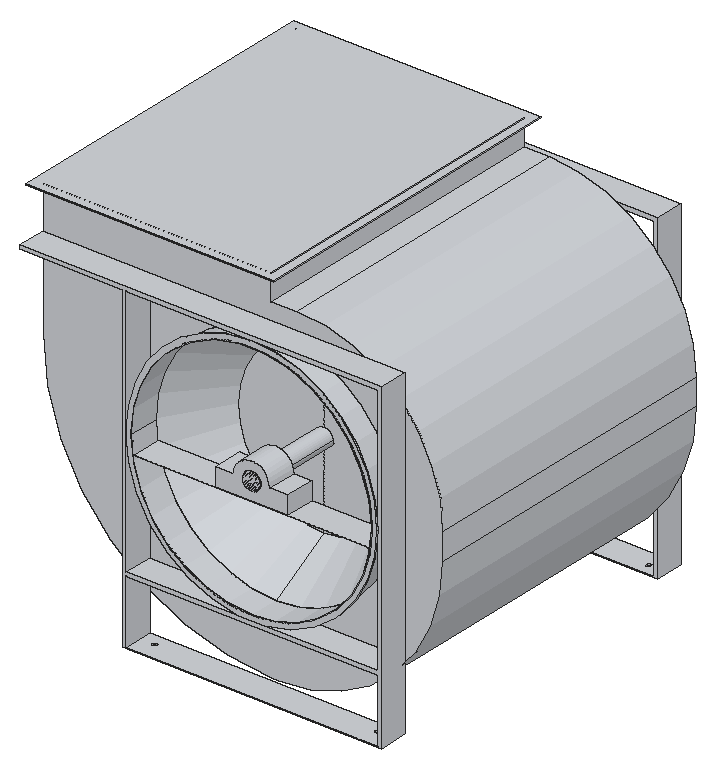
Revit family "CAF_DWDI_CCW_UBD", category Mechanical Equipment, Revit 2019
Family settings
  Round Connector Dimension = Use Radius
  Part Type = Normal
  Work Plane-Based = No
  Always vertical = Yes
  Cut with Voids When Loaded = No
  Shared = No
  Room Calculation Point = No
Parameters (values of type "600_CAF-DWDI_CCW_UBD_CLASS_3")
  V+(D-(A+.25"))/2 = V + ((D - (A + 1/4")) / 2)  # 5 19/32"
  V = 2 15/16"
  Unit Weight [instance] = ""
  U-N = U - N  # 1/8"
  U = 16"
  T/2 = T / 2  # 46 9/16"
  T = 93 1/8"
  Sones [instance] = ""
  SCROLL2 = 35"
  S/2 = S / 2  # 30 1/2"
  S = 61"
  R/2 = R / 2  # 35 1/2"
  R = 71"
  P = 118 5/8"
  N = 15 7/8"
  Motor RPM [instance] = ""
  Motor Enclosure [instance] = ""
  ModelID [instance] = ""
  M = 102 5/8"
  LwA [instance] = ""
  L = 51 5/16"
  K/2 = K / 2  # 19/32"
  K = 1 3/16"
  J = 45 15/16"
  INLET/4 = INLET / 4  # 16 1/2"
  INLET/2 = INLET / 2  # 33"
  INLET = 66"
  H-J = H - J  # 66 1/4"
  H-((D-A-.25")/2) = H - ((D - A - 1/4") / 2)  # 109 17/32"
  H = 112 3/16"
  G-(R/2) = G - (R / 2)  # 17 11/16"
  G-(INLET/2)-1.625" = G - (INLET / 2) - 1 1/2"  # 18 11/16"
  G+(INLET/2)+1.625" = G + (INLET / 2) + 1 1/2"  # 87 11/16"
  G = 53 3/16"
  Fan RPM [instance] = ""
  F-((D-A-.25")/2) = F - ((D - A - 1/4") / 2)  # 97 21/32"
  F = 100 5/16"
  E/2 = E / 2  # 45 27/32"
  E = 91 11/16"
  D/2 = D / 2  # 33 7/8"
  D = 67 3/4"
  C/2 = C / 2  # 2 15/32"
  C+C = C + C  # 9 7/8"
  C = 4 15/16"
  BOTTOM = F - G  # 47 1/8"
  B/2 = B / 2  # 43 1/8"
  B+.25" = B + 1/4"  # 86 1/2"
  B = 86 1/4"
  Accessories [instance] = ""
  A/2 = A / 2  # 31 3/32"
  A+.25" = A + 1/4"  # 62 7/16"
  A = 62 3/16"
  60 = 60.00°  # constant formula
  3" = 3"  # constant formula
  Brake Hp [instance] = ""
  D/7 = D / 9.5  # 7.13158"
  2' = 24"
  2" = 2"  # constant formula
  1" = 1"  # constant formula
  0 = 0"  # constant formula
  Voltage [instance] = 0 V
  URL = "www.lorencook.com"
  Type Comments = "Centrifugal Airfoil Blower Counter-Clockwise Up Blast Arrangement 3 Low Profile Class 3"
  Static Pressure [instance] = 0.00 in-wg
  Power [instance] = Voltage * Motor FLA * sqrt(if(Phase = 3, 3, 1))  # 0 VA
  Phase [instance] = 0
  Number of Poles [instance] = 1
  Motor Hp [instance] = "0"
  Motor FLA [instance] = 0 A
  Model = "CAF-DWDI"  # constant formula
  Manufacturer = "Loren Cook Company"
  CFM [instance] = 0 CFM
  1.5 = 1 1/2"  # constant formula
  ONE EIGTH = 1/8"  # constant formula
  -P = -P  # -118 5/8"
  -(B+.25")/2 = -(B + 1/4") / 2  # -43 1/4"
  (M-(B+.25")/2 = (M - (B + 1/4")) / 2  # 8 1/16"
  (INLET/2)-.125" = (INLET / 2) - 1/8"  # 32 7/8"
  (INLET/2)+1.625" = (INLET / 2) + 1 1/2"  # 34 1/2"
  (INLET/2)+1.5" = (INLET / 2) + 1 7/16"  # 34 7/16"
  (D-(A+.25"))/2 = (D - (A + 1/4")) / 2  # 2 21/32"
  (B+.25")/2 = (B + 1/4") / 2  # 43 1/4"
  (A+.25")/2 = (A + 1/4") / 2  # 31 7/32"
  ((M+U+U+N+N)-((B+.25")/2))/2 = ((M + U + U - N - N) - ((B + 1/4"))) / 2  # 8 3/16"
Reference planes (in)
  plane 1 "Center (Front/Back)": y = 0
  plane 2: z = 0
  plane 3 "Center (Left/Right)": x = 0.40541
Forms (in)
  Extrusion 1, solid
    sketch origin (0, 0, 0) x (1, 0, 0) y (0, 0, 1)
      loop
        line (-63.18834, 1) -> (46.34291, 1) -> (46.34291, 93.18092) -> (-0.75084, 93.18092) -> (-0.75084, 100.3125) -> (-63.18834, 100.3125) -> (-63.18834, 1)
    from -43.25 <- "-(B+.25")/2" to 43.25 <- "(B+.25")/2"
  Revolve 2, void
    sketch origin (0.40541, 0, 0) x (0, 1, 0) y (0, 0, 1)
      loop
        line (43.25, 53.1875) -> (26.75, 53.1875) -> (26.75, 29.71378) -> (43.25, 20.1875) -> (43.25, 53.1875)
      loop
        line (-26.75, 53.1875) -> (-43.25, 53.1875) -> (-43.25, 20.1875) -> (-26.75, 29.71378) -> (-26.75, 53.1875)
      axis (43.25, 53.1875) -> (-43.25, 53.1875)
    angle from 0 to 360
  Extrusion 3, solid
    sketch origin (0, -43.25, 0) x (1, 0, 0) y (0, 0, 1)
      loop
        circle (0.40541, 53.1875) r 32.875
      loop
        circle (0.40541, 53.1875) r 33
    from 0 <- "0" to 8.1875 <- "((M+U+U+N+N)-((B+.25")/2))/2"
  Extrusion 4, solid
    sketch origin (0, 43.25, 0) x (-1, 0, 0) y (0, 0, 1)
      loop
        circle (-0.40541, 53.1875) r 32.875
      loop
        circle (-0.40541, 53.1875) r 33
    from 0 to 8.1875 <- "((M+U+U+N+N)-((B+.25")/2))/2"
  Extrusion 5, solid
    sketch origin (0, 43.25, 0) x (-1, 0, 0) y (0, 0, 1)
      loop
        line (-35.90541, 0) -> (35.09459, 0) -> (35.09459, 87.6875) -> (63.18834, 87.6875) -> (63.18834, 88.6875) -> (-35.90541, 88.6875) -> (-35.90541, 0)
      loop
        line (34.09459, 87.6875) -> (-34.90541, 87.6875) -> (-34.90541, 18.6875) -> (34.09459, 18.6875) -> (34.09459, 87.6875)
      loop
        line (-34.90541, 17.6875) -> (-34.90541, 0.125) -> (34.09459, 0.125) -> (34.09459, 17.6875) -> (-34.90541, 17.6875)
    from 0 to 8.0625 <- "(M-(B+.25")/2"
  Extrusion 6, solid
    sketch origin (0, -43.25, 0) x (1, 0, 0) y (0, 0, 1)
      loop
        line (-63.18834, 88.6875) -> (-63.18834, 87.6875) -> (-35.09459, 87.6875) -> (-35.09459, 0) -> (35.90541, 0) -> (35.90541, 88.6875) -> (-63.18834, 88.6875)
      loop
        line (34.90541, 0.125) -> (34.90541, 17.6875) -> (-34.09459, 17.6875) -> (-34.09459, 0.125) -> (34.90541, 0.125)
      loop
        line (-34.09459, 18.6875) -> (34.90541, 18.6875) -> (34.90541, 87.6875) -> (-34.09459, 87.6875) -> (-34.09459, 18.6875)
    from 0 to 8.0625 <- "(M-(B+.25")/2"
  Extrusion 7, solid
    sketch origin (0, -43.25, 0) x (1, 0, 0) y (0, 0, 1)
      loop
        arc (-32.09669, 48.25) -> (-32.08713, 48.18749) -> (-32.07746, 48.125) r 32.875
        line (-32.07746, 48.125) -> (32.88828, 48.125)
        arc (32.88828, 48.125) -> (32.89796, 48.18749) -> (32.90752, 48.25) r 32.875
        line (32.90752, 48.25) -> (-32.09669, 48.25)
    from 0 to 8.1875 <- "((M+U+U+N+N)-((B+.25")/2))/2"
  Extrusion 8, solid
    sketch origin (0, 43.25, 0) x (-1, 0, 0) y (0, 0, 1)
      loop
        arc (-32.90752, 48.25) -> (-32.89796, 48.18749) -> (-32.88828, 48.125) r 32.875
        line (-32.88828, 48.125) -> (32.07746, 48.125)
        arc (32.07746, 48.125) -> (32.08713, 48.18749) -> (32.09669, 48.25) r 32.875
        line (32.09669, 48.25) -> (-32.90752, 48.25)
    from 0 to 8.1875 <- "((M+U+U+N+N)-((B+.25")/2))/2"
  Extrusion 9, solid
    sketch origin (0, -43.25, 0) x (1, 0, 0) y (0, 0, 1)
      loop
        arc (5.34291, 53.1875) -> (0.40541, 58.125) -> (-4.53209, 53.1875) r 4.9375
        line (-4.53209, 53.1875) -> (-9.46959, 53.1875) -> (-9.46959, 48.25) -> (10.28041, 48.25) -> (10.28041, 53.1875) -> (5.34291, 53.1875)
    from 0 to 8.1875 <- "((M+U+U+N+N)-((B+.25")/2))/2"
  Extrusion 10, solid
    sketch origin (0, 43.25, 0) x (-1, 0, 0) y (0, 0, 1)
      loop
        arc (4.53209, 53.1875) -> (-0.40541, 58.125) -> (-5.34291, 53.1875) r 4.9375
        line (-5.34291, 53.1875) -> (-10.28041, 53.1875) -> (-10.28041, 48.25) -> (9.46959, 48.25) -> (9.46959, 53.1875) -> (4.53209, 53.1875)
    from 0 to 8.1875 <- "((M+U+U+N+N)-((B+.25")/2))/2"
  Extrusion 11, solid
    sketch origin (0, -51.4375, 0) x (1, 0, 0) y (0, 0, 1)
      loop
        circle (0.40541, 53.1875) r 2.46875
    from 0 to -118.625 <- "-P"
  Extrusion 12, solid
    sketch origin (0, 51.4375, 0) x (-1, 0, 0) y (0, 0, 1)
      loop
        circle (-0.40541, 53.1875) r 33
      loop
        circle (-0.40541, 53.1875) r 34.4375
    from 0 to -0.125
  Extrusion 13, solid
    sketch origin (0, -51.4375, 0) x (1, 0, 0) y (0, 0, 1)
      loop
        circle (0.40541, 53.1875) r 33
      loop
        circle (0.40541, 53.1875) r 34.4375
    from 0 to -0.125
  Extrusion 14, void
    sketch origin (0, 0, 0) x (1, 0, 0) y (0, 1, 0)
      loop
        circle (30.90541, 46.5625) r 0.59375
      loop
        circle (-30.09459, 46.5625) r 0.59375
      loop
        circle (-30.09459, -46.5625) r 0.59375
      loop
        circle (30.90541, -46.5625) r 0.59375
    from 0 to 0.125
  Extrusion 15, void
    sketch origin (0, 0, 0) x (1, 0, 0) y (0, 0, 1)
      loop
        line (-63.18834, 53.1875) -> (-66.18834, 53.1875) -> (-66.18834, 0) -> (49.34291, 0) -> (49.34291, 96.18092) -> (-0.75084, 96.18092) -> (-0.75084, 93.18092) -> (6.34949, 93.18092)
        arc (6.34949, 93.18092) -> (34.62911, 81.46712) -> (46.34291, 53.1875) r 39.99342
        line (46.34291, 53.1875) -> (46.34291, 45.9375)
        arc (46.34291, 45.9375) -> (33.18102, 14.16189) -> (1.40541, 1) r 44.9375
        line (1.40541, 1) -> (-0.59459, 1)
        arc (-0.59459, 1) -> (-44.85505, 19.33328) -> (-63.18834, 63.59375) r 62.59375
        line (-63.18834, 63.59375) -> (-63.18834, 53.1875)
    from 43.25 <- "(B+.25")/2" to -43.25 <- "-(B+.25")/2"
  Extrusion 16, solid
    sketch origin (-0.75084, 0, 100.3125) x (-1, 0, 0) y (0, -1, 0)
      loop
        line (65.09375, -45.84375) -> (65.09375, 45.84375) -> (-2.65625, 45.84375) -> (-2.65625, -45.84375) -> (65.09375, -45.84375)
    from 0 to -0.125
Cuts and joins
  Revolve 2, Extrusion 15 cuts Extrusion 1
  Extrusion 14, Extrusion 15 cuts Extrusion 5
  Extrusion 14, Extrusion 15 cuts Extrusion 6
  Extrusion 15 cuts Extrusion 3
  Extrusion 15 cuts Extrusion 4
  Extrusion 15 cuts Extrusion 7
  Extrusion 15 cuts Extrusion 8
  Extrusion 15 cuts Extrusion 9
  Extrusion 15 cuts Extrusion 10
  Extrusion 15 cuts Extrusion 11
Dimensions and locks (in)
  "F": Extrusion 1 sketch curve to level
  "0": Revolve 2 sketch curve to cut or joined group of Extrusion 1, Revolve 2, Extrusion 15  (x2)
  "INLET/4": cut or joined group of Extrusion 1, Revolve 2, Extrusion 15 to Revolve 2 sketch curve
  "G": level to Revolve 2 sketch curve  (x2)
  "INLET/2": Revolve 2 sketch curve to Revolve 2 sketch curve  (x2)
  "G": Revolve 2 sketch curve to level
  "INLET/4": Revolve 2 sketch curve to Revolve 2 sketch curve
  "0": Extrusion 3 sketch curve to plane 3 "Center (Left/Right)"  (x2)
  "G": Extrusion 3 sketch curve to level  (x2)
  "G": level to Extrusion 4 sketch curve  (x2)
  "0": Extrusion 4 sketch curve to plane 3 "Center (Left/Right)"  (x2)
  "R/2": Extrusion 5 sketch curve to plane 3 "Center (Left/Right)"
  "R/2": plane 3 "Center (Left/Right)" to Extrusion 5 sketch curve
  "R": Extrusion 5 sketch curve to Extrusion 5 sketch curve
  "G-(R/2)": level to Extrusion 5 sketch curve
  "ONE EIGTH": Extrusion 5 sketch curve to Extrusion 5 sketch curve
  "0": Extrusion 6 sketch curve to Extrusion 5  (x3)
  "0": Extrusion 5 to Extrusion 6 sketch curve  (x3)
  "0": Extrusion 7 sketch curve to plane 3 "Center (Left/Right)"  (x2)
  "G": Extrusion 7 sketch curve to level  (x2)
  "C": Extrusion 7 sketch curve to Extrusion 7 sketch curve
  "ONE EIGTH": Extrusion 7 sketch curve to Extrusion 7 sketch curve
  "0": Extrusion 8 sketch curve to plane 3 "Center (Left/Right)"  (x2)
  "G": level to Extrusion 8 sketch curve  (x2)
  "C": Extrusion 8 sketch curve to Extrusion 8 sketch curve
  "ONE EIGTH": Extrusion 8 sketch curve to Extrusion 8 sketch curve
  "0": Extrusion 9 sketch curve to Extrusion 7
  "G": Extrusion 9 sketch curve to level
  "0": Extrusion 9 sketch curve to Extrusion 9 sketch curve  (x2)
  "C+C": Extrusion 9 sketch curve to plane 3 "Center (Left/Right)"  (x2)
  "0": Extrusion 8 to Extrusion 10 sketch curve
  "0": Extrusion 10 sketch curve to Extrusion 10 sketch curve  (x2)
  "0": Extrusion 10 sketch curve to plane 3 "Center (Left/Right)"
  "G": level to Extrusion 10 sketch curve
  "C+C": Extrusion 10 sketch curve to plane 3 "Center (Left/Right)"
  "C+C": plane 3 "Center (Left/Right)" to Extrusion 10 sketch curve
  "0": Extrusion 11 sketch curve to plane 3 "Center (Left/Right)"
  "G": level to Extrusion 11 sketch curve
  "0": level to Extrusion 5 sketch curve
  "0": plane 3 "Center (Left/Right)" to Extrusion 9 sketch curve
  "(INLET/2)+1.625"": plane 3 "Center (Left/Right)" to Extrusion 6 sketch curve  (x2)
  "(INLET/2)+1.625"": Extrusion 6 sketch curve to plane 3 "Center (Left/Right)"  (x2)
  "G+(INLET/2)+1.625"": Extrusion 6 sketch curve to level  (x2)
  "G-(INLET/2)-1.625"": Extrusion 6 sketch curve to level
  "(INLET/2)+1.625"": Extrusion 5 sketch curve to plane 3 "Center (Left/Right)"  (x2)
  "(INLET/2)+1.625"": plane 3 "Center (Left/Right)" to Extrusion 5 sketch curve  (x2)
  "G-(INLET/2)-1.625"": level to Extrusion 5 sketch curve
  "G+(INLET/2)+1.625"": level to Extrusion 5 sketch curve  (x2)
  "0": Extrusion 12 sketch curve to plane 3 "Center (Left/Right)"  (x2)
  "G": level to Extrusion 12 sketch curve  (x2)
  "0": Extrusion 13 sketch curve to plane 3 "Center (Left/Right)"  (x2)
  "G": Extrusion 13 sketch curve to level  (x2)
  "1"": Extrusion 1 sketch curve to level
  "T/2": plane 1 "Center (Front/Back)" to Extrusion 14 sketch curve  (x4)
  "S/2": plane 3 "Center (Left/Right)" to Extrusion 14 sketch curve  (x4)
  "H-((D-A-.25")/2)": Extrusion 1 sketch curve to Extrusion 1 sketch curve
  "J": Extrusion 1 sketch curve to plane 3 "Center (Left/Right)"
  "A+.25"": Extrusion 1 sketch curve to Extrusion 1 sketch curve
  "D/7": Extrusion 1 sketch curve to Extrusion 1 sketch curve
  "3"": Extrusion 15 sketch curve to cut or joined group of Extrusion 1, Revolve 2, Extrusion 15  (x3)
  "0": Extrusion 15 sketch curve to level
  "BOTTOM": cut or joined group of Extrusion 1, Revolve 2, Extrusion 15 to Extrusion 15 sketch curve
  "0": cut or joined group of Extrusion 1, Revolve 2, Extrusion 15 to Extrusion 15 sketch curve  (x2)
  "0": Extrusion 15 sketch curve to cut or joined group of Extrusion 1, Revolve 2, Extrusion 15  (x4)
  "0": cut or joined group of Extrusion 1, Revolve 2, Extrusion 15 to Extrusion 5 sketch curve
  "0": Extrusion 6 sketch curve to cut or joined group of Extrusion 1, Revolve 2, Extrusion 15
  "E/2": plane 1 "Center (Front/Back)" to Extrusion 16 sketch curve  (x2)
  "D": Extrusion 16 sketch curve to Extrusion 16 sketch curve
  "1"": Extrusion 15 sketch curve to plane 3 "Center (Left/Right)"
  "1"": plane 3 "Center (Left/Right)" to Extrusion 15 sketch curve
  "BOTTOM": Extrusion 16 to Extrusion 15 sketch curve
  "(D-(A+.25"))/2": Extrusion 16 sketch curve to cut or joined group of Extrusion 1, Revolve 2, Extrusion 15
  "INLET/2": radius of Extrusion 3 sketch curve
  "(INLET/2)-.125"": radius of Extrusion 3 sketch curve
  "INLET/2": radius of Extrusion 4 sketch curve
  "(INLET/2)-.125"": radius of Extrusion 4 sketch curve
  "(INLET/2)-.125"": radius of Extrusion 7 sketch curve  (x2)
  "(INLET/2)-.125"": radius of Extrusion 8 sketch curve  (x2)
  "C": radius of Extrusion 9 sketch curve
  "C": radius of Extrusion 10 sketch curve
  "C/2": radius of Extrusion 11 sketch curve
  "(INLET/2)+1.5"": radius of Extrusion 12 sketch curve
  "INLET/2": radius of Extrusion 12 sketch curve
  "(INLET/2)+1.5"": radius of Extrusion 13 sketch curve
  "INLET/2": radius of Extrusion 13 sketch curve
  "K/2": radius of Extrusion 14 sketch curve  (x4)
  "60": angle Revolve 2 sketch curve to cut or joined group of Extrusion 1, Revolve 2, Extrusion 15
  "60": angle cut or joined group of Extrusion 1, Revolve 2, Extrusion 15 to Revolve 2 sketch curve
Automatic sketch dimensions
  Revolve 2 sketch curve to Revolve 2 sketch curve = 0"  (x2)
Connectors (in)
  hvac at (0.40541, -51.3125, 53.1875), driven by "INLET/2"
    settings: on Extrusion 13, index 2, duct flow 0 CFM, flow factor 0, pres drop 0.00 in-wg, loss coef 0, conn angle 0.00°, conn width 12", conn height 12", conn diameter 66", duct sys type 29, conn prof type 0, flow config 0, flow direction 1, loss method 0, conn ref index -1, conn util no, is conn primary no, conn desc ""
  hvac at (0.40541, 51.4375, 53.1875), driven by "INLET/2"
    settings: on Extrusion 4, index 3, duct flow 0 CFM, flow factor 0, pres drop 0.00 in-wg, loss coef 0, conn angle 0.00°, conn width 12", conn height 12", conn diameter 66", duct sys type 29, conn prof type 0, flow config 0, flow direction 1, loss method 0, conn ref index -1, conn util no, is conn primary no, conn desc ""
  hvac at (-31.96959, 0, 100.1875), driven by "B", driven by "A", driven by "CFM"
    settings: on Extrusion 16, index 4, duct flow 0 CFM, flow factor 0, pres drop 0.00 in-wg, loss coef 0, conn angle 0.00°, conn width 62 3/16", conn height 86 1/4", conn diameter 24", duct sys type 29, conn prof type 1, flow config 0, flow direction 2, loss method 0, conn ref index -1, conn util no, is conn primary yes, conn desc ""
Types (59): name | V+(D-(A+.25"))/2 | V | U-N | U | T/2 | T | SCROLL2 | S/2 | S | R/2 | R | P | N | M | L | K/2 | K | J | INLET/4 | INLET/2 | INLET | H-J | H-((D-A-.25")/2) | H | G-(R/2) | G-(INLET/2)-1.625" | G+(INLET/2)+1.625" | G | F-((D-A-.25")/2) | F | E/2 | E | D/2 | D | C/2 | C+C | C | BOTTOM | B/2 | B+.25" | B | A/2 | A+.25" | A | D/7 | Type Comments | -P | -(B+.25")/2 | (M-(B+.25")/2 | (INLET/2)-.125" | (INLET/2)+1.625" | (INLET/2)+1.5" | (D-(A+.25"))/2 | (B+.25")/2 | (A+.25")/2 | ((M+U+U+N+N)-((B+.25")/2))/2
  (no name) | 5 19/32" | 2 15/16" | 1/8" | 16" | 46 9/16" | 93 1/8" | 35" | 30 1/2" | 61" | 35 1/2" | 71" | 118 5/8" | 15 7/8" | 102 5/8" | 51 5/16" | 19/32" | 1 3/16" | 45 15/16" | 16 1/2" | 33" | 66" | 66 1/4" | 109 17/32" | 112 3/16" | 17 11/16" | 18 11/16" | 87 11/16" | 53 3/16" | 97 21/32" | 100 5/16" | 45 27/32" | 91 11/16" | 33 7/8" | 67 3/4" | 2 15/32" | 9 7/8" | 4 15/16" | 47 1/8" | 43 1/8" | 86 1/2" | 86 1/4" | 31 3/32" | 62 7/16" | 62 3/16" | 7.13158" | "Centrifugal Airfoil Blower Counter-Clockwise Up Blast Arrangement 3 Low Profile Class 3" | -118 5/8" | -43 1/4" | 8 1/16" | 32 7/8" | 34 1/2" | 34 7/16" | 2 21/32" | 43 1/4" | 31 7/32" | 8 3/16"
  120_CAF-DWDI_CCW_UBD_CLASS_1 | 1 15/16" | 1" | 1 9/16" | 4 5/16" | 9 23/32" | 19 7/16" | 9" | 7 7/16" | 14 7/8" | 9 5/8" | 19 1/4" | 26 11/16" | 2 3/4" | 20 13/16" | 10 7/16" | 9/32" | 9/16" | 9 1/4" | 4 1/32" | 8 1/16" | 16 1/8" | 13 13/16" | 22 1/8" | 23 1/16" | 1 13/16" | 1 7/8" | 21" | 11 7/16" | 20 1/8" | 21 1/16" | 9 29/32" | 19 13/16" | 7 1/8" | 14 1/4" | 23/32" | 2 7/8" | 1 7/16" | 9 5/8" | 8 27/32" | 17 15/16" | 17 11/16" | 6 1/16" | 12 3/8" | 12 1/8" | 1 1/2" | "Centrifugal Airfoil Blower Counter-Clockwise Up Blast Arrangement 3 Low Profile Class 1" | -26 11/16" | -8 31/32" | 1 7/16" | 7 15/16" | 9 9/16" | 9 1/2" | 15/16" | 8 31/32" | 6 3/16" | 3"
  135_CAF-DWDI_CCW_UBD_CLASS_1 | 1 15/16" | 1" | 1 9/16" | 4 5/16" | 10 7/8" | 21 3/4" | 10 1/2" | 8 5/16" | 16 5/8" | 10 1/2" | 21" | 28 15/16" | 2 3/4" | 23 1/16" | 11 9/16" | 9/32" | 9/16" | 10 3/8" | 4 13/32" | 8 13/16" | 17 5/8" | 15 3/8" | 24 13/16" | 25 3/4" | 2 1/4" | 2 7/16" | 23 1/16" | 12 3/4" | 22 5/8" | 23 9/16" | 11 1/32" | 22 1/16" | 7 7/8" | 15 3/4" | 23/32" | 2 7/8" | 1 7/16" | 10 13/16" | 9 31/32" | 20 3/16" | 19 15/16" | 6 13/16" | 13 7/8" | 13 5/8" | 1.65789" | "Centrifugal Airfoil Blower Counter-Clockwise Up Blast Arrangement 3 Low Profile Class 1" | -28 15/16" | -10 3/32" | 1 7/16" | 8 11/16" | 10 5/16" | 10 1/4" | 15/16" | 10 3/32" | 6 15/16" | 3"
  150_CAF-DWDI_CCW_UBD_CLASS_1 | 1 15/16" | 1" | 1 1/16" | 4 7/16" | 12 3/16" | 24 3/8" | 11 1/4" | 8 7/8" | 17 3/4" | 11 1/4" | 22 1/2" | 31 5/8" | 3 3/8" | 26 1/8" | 13 1/16" | 9/32" | 9/16" | 11 1/2" | 4 25/32" | 9 9/16" | 19 1/8" | 16 15/16" | 27 1/2" | 28 7/16" | 2 13/16" | 3" | 25 1/8" | 14 1/16" | 25 1/8" | 26 1/16" | 12 1/16" | 24 1/8" | 8 11/16" | 17 3/8" | 23/32" | 2 7/8" | 1 7/16" | 12" | 11" | 22 1/4" | 22" | 7 5/8" | 15 1/2" | 15 1/4" | 1.82895" | "Centrifugal Airfoil Blower Counter-Clockwise Up Blast Arrangement 3 Low Profile Class 1" | -31 5/8" | -11 1/8" | 1 15/16" | 9 7/16" | 11 1/16" | 11" | 15/16" | 11 1/8" | 7 3/4" | 3"
  165_CAF-DWDI_CCW_UBD_CLASS_1 | 1 15/16" | 1" | 1 1/16" | 4 7/16" | 13 3/16" | 26 3/8" | 12 1/8" | 9 3/4" | 19 1/2" | 12 1/8" | 24 1/4" | 33 11/16" | 3 3/8" | 28 1/8" | 14 1/16" | 15/32" | 15/16" | 12 11/16" | 5 19/64" | 10 19/32" | 21 3/16" | 18 1/2" | 30 1/4" | 31 3/16" | 3 1/4" | 3 9/32" | 27 15/32" | 15 3/8" | 27 9/16" | 28 1/2" | 13 1/16" | 26 1/8" | 9 17/32" | 19 1/16" | 27/32" | 3 3/8" | 1 11/16" | 13 1/8" | 12" | 24 1/4" | 24" | 8 15/32" | 17 3/16" | 16 15/16" | 2.00658" | "Centrifugal Airfoil Blower Counter-Clockwise Up Blast Arrangement 3 Low Profile Class 1" | -33 11/16" | -12 1/8" | 1 15/16" | 10 15/32" | 12 3/32" | 12 1/32" | 15/16" | 12 1/8" | 8 19/32" | 3"
  180_CAF-DWDI_CCW_UBD_CLASS_1 | 1 15/16" | 1" | 1 1/16" | 4 13/16" | 14 7/32" | 28 7/16" | 13 3/8" | 10 1/2" | 21" | 13 3/8" | 26 3/4" | 36 1/8" | 3 3/4" | 30 3/16" | 15 1/8" | 15/32" | 15/16" | 13 13/16" | 5 43/64" | 11 11/32" | 22 11/16" | 20 3/16" | 33 1/16" | 34" | 3 5/16" | 3 27/32" | 29 17/32" | 16 11/16" | 30 1/16" | 31" | 14 3/32" | 28 3/16" | 10 5/16" | 20 5/8" | 27/32" | 3 3/8" | 1 11/16" | 14 5/16" | 13 1/32" | 26 5/16" | 26 1/16" | 9 1/4" | 18 3/4" | 18 1/2" | 2.17105" | "Centrifugal Airfoil Blower Counter-Clockwise Up Blast Arrangement 3 Low Profile Class 1" | -36 1/8" | -13 5/32" | 1 15/16" | 11 7/32" | 12 27/32" | 12 25/32" | 15/16" | 13 5/32" | 9 3/8" | 3"
  195_CAF-DWDI_CCW_UBD_CLASS_1 | 1 31/32" | 1" | 1 1/16" | 4 13/16" | 15 13/32" | 30 13/16" | 14 1/4" | 11 3/8" | 22 3/4" | 14 1/4" | 28 1/2" | 38 1/2" | 3 3/4" | 32 9/16" | 16 5/16" | 15/32" | 15/16" | 14 15/16" | 6 3/64" | 12 3/32" | 24 3/16" | 21 3/4" | 35 23/32" | 36 11/16" | 3 11/16" | 4 11/32" | 31 17/32" | 17 15/16" | 32 15/32" | 33 7/16" | 15 5/16" | 30 5/8" | 10 27/32" | 21 11/16" | 27/32" | 3 3/8" | 1 11/16" | 15 1/2" | 14 7/32" | 28 11/16" | 28 7/16" | 9 3/4" | 19 3/4" | 19 1/2" | 2.28289" | "Centrifugal Airfoil Blower Counter-Clockwise Up Blast Arrangement 3 Low Profile Class 1" | -38 1/2" | -14 11/32" | 1 15/16" | 11 31/32" | 13 19/32" | 13 17/32" | 31/32" | 14 11/32" | 9 7/8" | 3"
  210_CAF-DWDI_CCW_UBD_CLASS_1 | 1 31/32" | 1" | 2 1/16" | 5 13/16" | 16 3/8" | 32 3/4" | 15" | 12 1/8" | 24 1/4" | 15" | 30" | 41 7/16" | 3 3/4" | 34 1/2" | 17 1/4" | 15/32" | 15/16" | 16 1/8" | 6 31/64" | 12 31/32" | 25 15/16" | 23 5/16" | 38 15/32" | 39 7/16" | 4 1/4" | 4 25/32" | 33 23/32" | 19 1/4" | 34 31/32" | 35 15/16" | 16 9/32" | 32 9/16" | 11 29/32" | 23 13/16" | 27/32" | 3 3/8" | 1 11/16" | 16 11/16" | 15 3/16" | 30 5/8" | 30 3/8" | 10 13/16" | 21 7/8" | 21 5/8" | 2.50658" | "Centrifugal Airfoil Blower Counter-Clockwise Up Blast Arrangement 3 Low Profile Class 1" | -41 7/16" | -15 5/16" | 1 15/16" | 12 27/32" | 14 15/32" | 14 13/32" | 31/32" | 15 5/16" | 10 15/16" | 4"
  225_CAF-DWDI_CCW_UBD_CLASS_1 | 2 15/32" | 1" | 2 1/16" | 6 5/16" | 17 7/16" | 34 7/8" | 15 7/8" | 13" | 26" | 15 7/8" | 31 3/4" | 44 1/16" | 4 1/4" | 36 5/8" | 18 5/16" | 15/32" | 15/16" | 17 1/4" | 6 55/64" | 13 23/32" | 27 7/16" | 25 7/16" | 41 7/32" | 42 11/16" | 4 11/16" | 5 11/32" | 35 25/32" | 20 9/16" | 36 29/32" | 38 3/8" | 17 27/32" | 35 11/16" | 13 3/16" | 26 3/8" | 31/32" | 3 7/8" | 1 15/16" | 17 13/16" | 16 1/4" | 32 3/4" | 32 1/2" | 11 19/32" | 23 7/16" | 23 3/16" | 2.77632" | "Centrifugal Airfoil Blower Counter-Clockwise Up Blast Arrangement 3 Low Profile Class 1" | -44 1/16" | -16 3/8" | 1 15/16" | 13 19/32" | 15 7/32" | 15 5/32" | 1 15/32" | 16 3/8" | 11 23/32" | 4"
  245_CAF-DWDI_CCW_UBD_CLASS_1 | 2 15/32" | 1" | 2 1/16" | 6 5/16" | 18 23/32" | 37 7/16" | 16 7/8" | 14" | 28" | 16 7/8" | 33 3/4" | 46 5/8" | 4 1/4" | 39 3/16" | 19 5/8" | 15/32" | 15/16" | 18 3/4" | 7 23/64" | 14 23/32" | 29 7/16" | 27 9/16" | 44 27/32" | 46 5/16" | 5 7/16" | 6 3/32" | 38 17/32" | 22 5/16" | 40 7/32" | 41 11/16" | 19 1/8" | 38 1/4" | 14 11/32" | 28 11/16" | 31/32" | 3 7/8" | 1 15/16" | 19 3/8" | 17 17/32" | 35 5/16" | 35 1/16" | 12 3/4" | 25 3/4" | 25 1/2" | 3.01974" | "Centrifugal Airfoil Blower Counter-Clockwise Up Blast Arrangement 3 Low Profile Class 1" | -46 5/8" | -17 21/32" | 1 15/16" | 14 19/32" | 16 7/32" | 16 5/32" | 1 15/32" | 17 21/32" | 12 7/8" | 4"
  270_CAF-DWDI_CCW_UBD_CLASS_1 | 2 15/32" | 1" | 2 1/16" | 6 5/16" | 21 5/32" | 42 5/16" | 18 3/4" | 15 1/8" | 30 1/4" | 18 3/4" | 37 1/2" | 51 1/2" | 4 1/4" | 44 9/16" | 22 5/16" | 15/32" | 15/16" | 20 11/16" | 7 63/64" | 15 31/32" | 31 15/16" | 30 3/16" | 49 13/32" | 50 7/8" | 5 3/4" | 7 1/32" | 41 31/32" | 24 1/2" | 44 11/32" | 45 13/16" | 21 5/16" | 42 5/8" | 15 11/32" | 30 11/16" | 1 3/32" | 4 3/8" | 2 3/16" | 21 5/16" | 19 23/32" | 39 11/16" | 39 7/16" | 13 3/4" | 27 3/4" | 27 1/2" | 3.23026" | "Centrifugal Airfoil Blower Counter-Clockwise Up Blast Arrangement 3 Low Profile Class 1" | -51 1/2" | -19 27/32" | 2 7/16" | 15 27/32" | 17 15/32" | 17 13/32" | 1 15/32" | 19 27/32" | 13 7/8" | 4 1/2"
  300_CAF-DWDI_CCW_UBD_CLASS_1 | 2 15/32" | 1" | 2 1/8" | 6 3/8" | 22 15/16" | 45 7/8" | 20 1/4" | 16 5/8" | 33 1/4" | 20 1/4" | 40 1/2" | 55 1/8" | 4 1/4" | 48 1/8" | 24 1/16" | 15/32" | 15/16" | 22 15/16" | 8 47/64" | 17 15/32" | 34 15/16" | 33 3/8" | 54 27/32" | 56 5/16" | 6 13/16" | 8 3/32" | 46 1/32" | 27 1/16" | 49 9/32" | 50 3/4" | 23 3/32" | 46 3/16" | 17 3/16" | 34 3/8" | 1 3/32" | 4 3/8" | 2 3/16" | 23 11/16" | 21 1/2" | 43 1/4" | 43" | 15 19/32" | 31 7/16" | 31 3/16" | 3.61842" | "Centrifugal Airfoil Blower Counter-Clockwise Up Blast Arrangement 3 Low Profile Class 1" | -55 1/8" | -21 5/8" | 2 7/16" | 17 11/32" | 18 31/32" | 18 29/32" | 1 15/32" | 21 5/8" | 15 23/32" | 4 9/16"
  330_CAF-DWDI_CCW_UBD_CLASS_1 | 3" | 1" | 1 5/8" | 6" | 25 9/32" | 50 9/16" | 20 25/32" | 18 1/16" | 36 1/8" | 20 25/32" | 41 9/16" | 59 5/16" | 4 3/8" | 53 3/16" | 26 5/8" | 15/32" | 15/16" | 25 1/4" | 9 31/64" | 18 31/32" | 37 15/16" | 37 1/16" | 60 5/16" | 62 5/16" | 8 29/32" | 9 7/32" | 50 5/32" | 29 11/16" | 53 11/16" | 55 11/16" | 25 21/32" | 51 5/16" | 19 3/8" | 38 3/4" | 1 7/32" | 4 7/8" | 2 7/16" | 26" | 23 17/32" | 47 5/16" | 47 1/16" | 17 1/4" | 34 3/4" | 34 1/2" | 4.07895" | "Centrifugal Airfoil Blower Counter-Clockwise Up Blast Arrangement 3 Low Profile Class 1" | -59 5/16" | -23 21/32" | 2 15/16" | 18 27/32" | 20 15/32" | 20 13/32" | 2" | 23 21/32" | 17 3/8" | 4 9/16"
  365_CAF-DWDI_CCW_UBD_CLASS_1 | 3" | 1" | 2 1/8" | 6 7/8" | 27 27/32" | 55 11/16" | 22 21/32" | 19 15/16" | 39 7/8" | 22 21/32" | 45 5/16" | 65 5/16" | 4 3/4" | 58 5/16" | 29 3/16" | 15/32" | 15/16" | 27 15/16" | 10 23/64" | 20 23/32" | 41 7/16" | 40 3/4" | 66 11/16" | 68 11/16" | 10 3/32" | 10 17/32" | 54 31/32" | 32 3/4" | 59 1/2" | 61 1/2" | 28 7/32" | 56 7/16" | 21 15/32" | 42 15/16" | 1 11/32" | 5 3/8" | 2 11/16" | 28 3/4" | 26 3/32" | 52 7/16" | 52 3/16" | 19 11/32" | 38 15/16" | 38 11/16" | 4.51974" | "Centrifugal Airfoil Blower Counter-Clockwise Up Blast Arrangement 3 Low Profile Class 1" | -65 5/16" | -26 7/32" | 2 15/16" | 20 19/32" | 22 7/32" | 22 5/32" | 2" | 26 7/32" | 19 15/32" | 5 1/16"
  402_CAF-DWDI_CCW_UBD_CLASS_1 | 3 31/32" | 1 15/16" | 1 1/8" | 6" | 31 7/32" | 62 7/16" | 24 27/32" | 21 1/2" | 43" | 24 27/32" | 49 11/16" | 71 15/16" | 4 7/8" | 65 15/16" | 33" | 15/32" | 15/16" | 30 3/4" | 11 19/64" | 22 19/32" | 45 3/16" | 44 11/16" | 73 13/32" | 75 7/16" | 11 3/32" | 11 27/32" | 60 1/32" | 35 15/16" | 65 19/32" | 67 5/8" | 31" | 62" | 23 1/32" | 46 1/16" | 1 15/32" | 5 7/8" | 2 15/16" | 31 11/16" | 28 29/32" | 58 1/16" | 57 13/16" | 20 7/8" | 42" | 41 3/4" | 4.84868" | "Centrifugal Airfoil Blower Counter-Clockwise Up Blast Arrangement 3 Low Profile Class 1" | -71 15/16" | -29 1/32" | 3 15/16" | 22 15/32" | 24 3/32" | 24 1/32" | 2 1/32" | 29 1/32" | 21" | 5 1/16"
  445_CAF-DWDI_CCW_UBD_CLASS_1 | 4" | 1 15/16" | 1 1/8" | 6 7/8" | 34 15/32" | 68 15/16" | 26 31/32" | 23 5/8" | 47 1/4" | 26 31/32" | 53 15/16" | 79 5/16" | 5 3/4" | 72 7/16" | 36 1/4" | 17/32" | 1 1/16" | 34 1/16" | 12 23/64" | 24 23/32" | 49 7/16" | 49 1/4" | 81 1/4" | 83 5/16" | 12 23/32" | 13 15/32" | 65 29/32" | 39 11/16" | 72 5/8" | 74 11/16" | 34 9/32" | 68 9/16" | 25 5/32" | 50 5/16" | 1 15/32" | 5 7/8" | 2 15/16" | 35" | 32 1/8" | 64 1/2" | 64 1/4" | 22 31/32" | 46 3/16" | 45 15/16" | 5.29605" | "Centrifugal Airfoil Blower Counter-Clockwise Up Blast Arrangement 3 Low Profile Class 1" | -79 5/16" | -32 1/4" | 3 31/32" | 24 19/32" | 26 7/32" | 26 5/32" | 2 1/16" | 32 1/4" | 23 3/32" | 5 3/32"
  490_CAF-DWDI_CCW_UBD_CLASS_1 | 4" | 1 15/16" | 1 1/8" | 7" | 37 13/32" | 74 13/16" | 29 11/32" | 26" | 52" | 29 11/32" | 58 11/16" | 85 5/16" | 5 7/8" | 78 5/16" | 39 3/16" | 17/32" | 1 1/16" | 37 1/2" | 13 3/4" | 27 1/2" | 55" | 54" | 89 7/16" | 91 1/2" | 14 7/32" | 14 9/16" | 72 9/16" | 43 9/16" | 80 1/16" | 82 1/8" | 37 7/32" | 74 7/16" | 27 11/16" | 55 3/8" | 1 23/32" | 6 7/8" | 3 7/16" | 38 9/16" | 35 1/16" | 70 3/8" | 70 1/8" | 25 1/2" | 51 1/4" | 51" | 5.82895" | "Centrifugal Airfoil Blower Counter-Clockwise Up Blast Arrangement 3 Low Profile Class 1" | -85 5/16" | -35 3/16" | 3 31/32" | 27 3/8" | 29" | 28 15/16" | 2 1/16" | 35 3/16" | 25 5/8" | 5 3/32"
  540_CAF-DWDI_CCW_UBD_CLASS_1 | 4" | 1 15/16" | 1 1/8" | 7 3/8" | 41 5/16" | 82 5/8" | 31 27/32" | 28 1/2" | 57" | 31 27/32" | 63 11/16" | 93 1/2" | 6 1/4" | 86 1/8" | 43 1/16" | 17/32" | 1 1/16" | 41 5/16" | 15" | 30" | 60" | 59 5/16" | 98 9/16" | 100 5/8" | 16 3/32" | 16 7/16" | 79 7/16" | 47 15/16" | 88 5/16" | 90 3/8" | 41 3/32" | 82 3/16" | 30 1/16" | 60 1/8" | 1 15/32" | 5 7/8" | 2 15/16" | 42 7/16" | 38 31/32" | 78 3/16" | 77 15/16" | 27 7/8" | 56" | 55 3/4" | 6.32895" | "Centrifugal Airfoil Blower Counter-Clockwise Up Blast Arrangement 3 Low Profile Class 1" | -93 1/2" | -39 3/32" | 3 31/32" | 29 7/8" | 31 1/2" | 31 7/16" | 2 1/16" | 39 3/32" | 28" | 5 3/32"
  600_CAF-DWDI_CCW_UBD_CLASS_1 | 5" | 2 15/16" | 1/8" | 6 3/8" | 46" | 92" | 35" | 31" | 62" | 35" | 70" | 102 7/8" | 6 1/4" | 96 1/2" | 48 1/4" | 17/32" | 1 1/16" | 45 15/16" | 16 1/2" | 33" | 66" | 65 11/16" | 109 9/16" | 111 5/8" | 18 3/16" | 18 11/16" | 87 11/16" | 53 3/16" | 98 1/4" | 100 5/16" | 45 9/32" | 90 9/16" | 33 9/32" | 66 9/16" | 1 15/32" | 5 7/8" | 2 15/16" | 47 1/8" | 43 1/8" | 86 1/2" | 86 1/4" | 31 3/32" | 62 7/16" | 62 3/16" | 7.00658" | "Centrifugal Airfoil Blower Counter-Clockwise Up Blast Arrangement 3 Low Profile Class 1" | -102 7/8" | -43 1/4" | 5" | 32 7/8" | 34 1/2" | 34 7/16" | 2 1/16" | 43 1/4" | 31 7/32" | 5 1/8"
  660_CAF-DWDI_CCW_UBD_CLASS_1 | 6" | 3 15/16" | 5/8" | 10" | 50 13/16" | 101 5/8" | 38 9/32" | 33 1/2" | 67" | 38 9/32" | 76 9/16" | 117 1/8" | 9 3/8" | 107 1/8" | 53 9/16" | 17/32" | 1 1/16" | 50 1/2" | 18" | 36" | 72" | 72 1/16" | 120 1/2" | 122 9/16" | 20 3/32" | 20 7/8" | 95 7/8" | 58 3/8" | 108 1/8" | 110 3/16" | 49 5/8" | 99 1/4" | 36 13/32" | 72 13/16" | 1 23/32" | 6 7/8" | 3 7/16" | 51 13/16" | 47 7/16" | 95 1/8" | 94 7/8" | 34 7/32" | 68 11/16" | 68 7/16" | 7.66447" | "Centrifugal Airfoil Blower Counter-Clockwise Up Blast Arrangement 3 Low Profile Class 1" | -117 1/8" | -47 9/16" | 6" | 35 7/8" | 37 1/2" | 37 7/16" | 2 1/16" | 47 9/16" | 34 11/32" | 6 5/8"
  730_CAF-DWDI_CCW_UBD_CLASS_1 | 6" | 3 7/16" | 5/8" | 10" | 55 3/4" | 111 1/2" | 41 25/32" | 37" | 74" | 41 25/32" | 83 9/16" | 127" | 9 3/8" | 117" | 58 1/2" | 17/32" | 1 1/16" | 55 13/16" | 19 3/4" | 39 1/2" | 79" | 80" | 133 1/4" | 135 13/16" | 22 21/32" | 23 7/16" | 105 7/16" | 64 7/16" | 119 3/16" | 121 3/4" | 55 1/16" | 110 1/8" | 40 19/32" | 81 3/16" | 1 23/32" | 6 7/8" | 3 7/16" | 57 5/16" | 52 3/8" | 105" | 104 3/4" | 37 29/32" | 76 1/16" | 75 13/16" | 8.54605" | "Centrifugal Airfoil Blower Counter-Clockwise Up Blast Arrangement 3 Low Profile Class 1" | -127" | -52 1/2" | 6" | 39 3/8" | 41" | 40 15/16" | 2 9/16" | 52 1/2" | 38 1/32" | 6 5/8"
  120_CAF-DWDI_CCW_UBD_CLASS_2 | 1 15/16" | 1" | 1 9/16" | 5 5/16" | 9 31/32" | 19 15/16" | 9" | 7 3/16" | 14 3/8" | 9 5/8" | 19 1/4" | 28 3/16" | 3 3/4" | 21 13/16" | 10 15/16" | 15/32" | 15/16" | 9 1/4" | 4 1/32" | 8 1/16" | 16 1/8" | 13 3/4" | 22 1/16" | 23" | 1 13/16" | 1 7/8" | 21" | 11 7/16" | 20 1/8" | 21 1/16" | 9 29/32" | 19 13/16" | 7 1/8" | 14 1/4" | 23/32" | 2 7/8" | 1 7/16" | 9 5/8" | 8 27/32" | 17 15/16" | 17 11/16" | 6 1/16" | 12 3/8" | 12 1/8" | 1 1/2" | "Centrifugal Airfoil Blower Counter-Clockwise Up Blast Arrangement 3 Low Profile Class 2" | -28 3/16" | -8 31/32" | 1 15/16" | 7 15/16" | 9 9/16" | 9 1/2" | 15/16" | 8 31/32" | 6 3/16" | 3 1/2"
  135_CAF-DWDI_CCW_UBD_CLASS_2 | 1 15/16" | 1" | 1 9/16" | 5 7/16" | 11 3/32" | 22 3/16" | 10 1/2" | 8 1/16" | 16 1/8" | 10 1/2" | 21" | 30 9/16" | 3 7/8" | 24 1/16" | 12 1/16" | 15/32" | 15/16" | 10 3/8" | 4 13/32" | 8 13/16" | 17 5/8" | 15 3/8" | 24 13/16" | 25 3/4" | 2 1/4" | 2 7/16" | 23 1/16" | 12 3/4" | 22 5/8" | 23 9/16" | 11 1/32" | 22 1/16" | 7 7/8" | 15 3/4" | 23/32" | 2 7/8" | 1 7/16" | 10 13/16" | 9 31/32" | 20 3/16" | 19 15/16" | 6 13/16" | 13 7/8" | 13 5/8" | 1.65789" | "Centrifugal Airfoil Blower Counter-Clockwise Up Blast Arrangement 3 Low Profile Class 2" | -30 9/16" | -10 3/32" | 1 15/16" | 8 11/16" | 10 5/16" | 10 1/4" | 15/16" | 10 3/32" | 6 15/16" | 3 1/2"
  150_CAF-DWDI_CCW_UBD_CLASS_2 | 1 15/16" | 1" | 2 1/16" | 5 15/16" | 12 3/16" | 24 3/8" | 11 1/4" | 8 7/8" | 17 3/4" | 11 3/4" | 23 1/2" | 33 1/8" | 3 7/8" | 26 1/8" | 13 1/16" | 15/32" | 15/16" | 11 1/2" | 4 25/32" | 9 9/16" | 19 1/8" | 16 15/16" | 27 1/2" | 28 7/16" | 2 5/16" | 3" | 25 1/8" | 14 1/16" | 25 1/8" | 26 1/16" | 12 1/16" | 24 1/8" | 8 11/16" | 17 3/8" | 31/32" | 3 7/8" | 1 15/16" | 12" | 11" | 22 1/4" | 22" | 7 5/8" | 15 1/2" | 15 1/4" | 1.82895" | "Centrifugal Airfoil Blower Counter-Clockwise Up Blast Arrangement 3 Low Profile Class 2" | -33 1/8" | -11 1/8" | 1 15/16" | 9 7/16" | 11 1/16" | 11" | 15/16" | 11 1/8" | 7 3/4" | 4"
  165_CAF-DWDI_CCW_UBD_CLASS_2 | 1 15/16" | 1" | 2 1/16" | 5 15/16" | 13 3/16" | 26 3/8" | 12 1/8" | 9 3/4" | 19 1/2" | 12 5/8" | 25 1/4" | 35 3/16" | 3 7/8" | 28 1/8" | 14 1/16" | 15/32" | 15/16" | 12 11/16" | 5 19/64" | 10 19/32" | 21 3/16" | 18 1/2" | 30 1/4" | 31 3/16" | 2 3/4" | 3 9/32" | 27 15/32" | 15 3/8" | 27 9/16" | 28 1/2" | 13 1/16" | 26 1/8" | 9 17/32" | 19 1/16" | 31/32" | 3 7/8" | 1 15/16" | 13 1/8" | 12" | 24 1/4" | 24" | 8 15/32" | 17 3/16" | 16 15/16" | 2.00658" | "Centrifugal Airfoil Blower Counter-Clockwise Up Blast Arrangement 3 Low Profile Class 2" | -35 3/16" | -12 1/8" | 1 15/16" | 10 15/32" | 12 3/32" | 12 1/32" | 15/16" | 12 1/8" | 8 19/32" | 4"
  180_CAF-DWDI_CCW_UBD_CLASS_2 | 2" | 1" | 2 1/16" | 5 15/16" | 14 7/32" | 28 7/16" | 13 3/8" | 10 1/2" | 21" | 13 3/8" | 26 3/4" | 37 1/4" | 3 7/8" | 30 3/16" | 15 1/8" | 15/32" | 15/16" | 13 13/16" | 5 43/64" | 11 11/32" | 22 11/16" | 20 3/16" | 33" | 34" | 3 5/16" | 3 27/32" | 29 17/32" | 16 11/16" | 30" | 31" | 14 3/32" | 28 3/16" | 10 3/8" | 20 3/4" | 31/32" | 3 7/8" | 1 15/16" | 14 5/16" | 13 1/32" | 26 5/16" | 26 1/16" | 9 1/4" | 18 3/4" | 18 1/2" | 2.18421" | "Centrifugal Airfoil Blower Counter-Clockwise Up Blast Arrangement 3 Low Profile Class 2" | -37 1/4" | -13 5/32" | 1 15/16" | 11 7/32" | 12 27/32" | 12 25/32" | 1" | 13 5/32" | 9 3/8" | 4"
  195_CAF-DWDI_CCW_UBD_CLASS_2 | 1 15/16" | 1" | 2 1/16" | 5 15/16" | 15 13/32" | 30 13/16" | 14 1/4" | 11 3/8" | 22 3/4" | 14 1/4" | 28 1/2" | 39 5/8" | 3 7/8" | 32 9/16" | 16 5/16" | 15/32" | 15/16" | 14 15/16" | 6 3/64" | 12 3/32" | 24 3/16" | 21 11/16" | 35 11/16" | 36 5/8" | 3 11/16" | 4 11/32" | 31 17/32" | 17 15/16" | 32 1/2" | 33 7/16" | 15 9/32" | 30 9/16" | 10 13/16" | 21 5/8" | 31/32" | 3 7/8" | 1 15/16" | 15 1/2" | 14 7/32" | 28 11/16" | 28 7/16" | 9 3/4" | 19 3/4" | 19 1/2" | 2.27632" | "Centrifugal Airfoil Blower Counter-Clockwise Up Blast Arrangement 3 Low Profile Class 2" | -39 5/8" | -14 11/32" | 1 15/16" | 11 31/32" | 13 19/32" | 13 17/32" | 15/16" | 14 11/32" | 9 7/8" | 4"
  210_CAF-DWDI_CCW_UBD_CLASS_2 | 1 31/32" | 1" | 2 9/16" | 6 13/16" | 16 3/8" | 32 3/4" | 15" | 12 1/8" | 24 1/4" | 15" | 30" | 42 7/16" | 4 1/4" | 34 1/2" | 17 1/4" | 15/32" | 15/16" | 16 1/8" | 6 31/64" | 12 31/32" | 25 15/16" | 23 5/16" | 38 15/32" | 39 7/16" | 4 1/4" | 4 25/32" | 33 23/32" | 19 1/4" | 34 31/32" | 35 15/16" | 16 9/32" | 32 9/16" | 11 29/32" | 23 13/16" | 1 3/32" | 4 3/8" | 2 3/16" | 16 11/16" | 15 3/16" | 30 5/8" | 30 3/8" | 10 13/16" | 21 7/8" | 21 5/8" | 2.50658" | "Centrifugal Airfoil Blower Counter-Clockwise Up Blast Arrangement 3 Low Profile Class 2" | -42 7/16" | -15 5/16" | 1 15/16" | 12 27/32" | 14 15/32" | 14 13/32" | 31/32" | 15 5/16" | 10 15/16" | 4 1/2"
  225_CAF-DWDI_CCW_UBD_CLASS_2 | 2 15/32" | 1" | 2 9/16" | 6 13/16" | 17 7/16" | 34 7/8" | 15 7/8" | 13" | 26" | 15 7/8" | 31 3/4" | 44 9/16" | 4 1/4" | 36 5/8" | 18 5/16" | 15/32" | 15/16" | 17 1/4" | 6 55/64" | 13 23/32" | 27 7/16" | 25 7/16" | 41 7/32" | 42 11/16" | 4 11/16" | 5 11/32" | 35 25/32" | 20 9/16" | 36 29/32" | 38 3/8" | 17 27/32" | 35 11/16" | 13 3/16" | 26 3/8" | 1 3/32" | 4 3/8" | 2 3/16" | 17 13/16" | 16 1/4" | 32 3/4" | 32 1/2" | 11 19/32" | 23 7/16" | 23 3/16" | 2.77632" | "Centrifugal Airfoil Blower Counter-Clockwise Up Blast Arrangement 3 Low Profile Class 2" | -44 9/16" | -16 3/8" | 1 15/16" | 13 19/32" | 15 7/32" | 15 5/32" | 1 15/32" | 16 3/8" | 11 23/32" | 4 1/2"
  245_CAF-DWDI_CCW_UBD_CLASS_2 | 2 15/32" | 1" | 2 9/16" | 6 15/16" | 18 23/32" | 37 7/16" | 16 7/8" | 14" | 28" | 16 7/8" | 33 3/4" | 47 1/4" | 4 3/8" | 39 3/16" | 19 5/8" | 15/32" | 15/16" | 18 3/4" | 7 23/64" | 14 23/32" | 29 7/16" | 27 9/16" | 44 27/32" | 46 5/16" | 5 7/16" | 6 3/32" | 38 17/32" | 22 5/16" | 40 7/32" | 41 11/16" | 19 1/8" | 38 1/4" | 14 11/32" | 28 11/16" | 1 7/32" | 4 7/8" | 2 7/16" | 19 3/8" | 17 17/32" | 35 5/16" | 35 1/16" | 12 3/4" | 25 3/4" | 25 1/2" | 3.01974" | "Centrifugal Airfoil Blower Counter-Clockwise Up Blast Arrangement 3 Low Profile Class 2" | -47 1/4" | -17 21/32" | 1 15/16" | 14 19/32" | 16 7/32" | 16 5/32" | 1 15/32" | 17 21/32" | 12 7/8" | 4 1/2"
  270_CAF-DWDI_CCW_UBD_CLASS_2 | 2 15/32" | 1" | 2 1/16" | 6 7/16" | 21 5/32" | 42 5/16" | 18 3/4" | 15 1/8" | 30 1/4" | 18 3/4" | 37 1/2" | 51 5/8" | 4 3/8" | 44 9/16" | 22 5/16" | 15/32" | 15/16" | 20 11/16" | 7 63/64" | 15 31/32" | 31 15/16" | 30 3/16" | 49 13/32" | 50 7/8" | 5 3/4" | 7 1/32" | 41 31/32" | 24 1/2" | 44 11/32" | 45 13/16" | 21 5/16" | 42 5/8" | 15 11/32" | 30 11/16" | 1 7/32" | 4 7/8" | 2 7/16" | 21 5/16" | 19 23/32" | 39 11/16" | 39 7/16" | 13 3/4" | 27 3/4" | 27 1/2" | 3.23026" | "Centrifugal Airfoil Blower Counter-Clockwise Up Blast Arrangement 3 Low Profile Class 2" | -51 5/8" | -19 27/32" | 2 7/16" | 15 27/32" | 17 15/32" | 17 13/32" | 1 15/32" | 19 27/32" | 13 7/8" | 4 1/2"
  300_CAF-DWDI_CCW_UBD_CLASS_2 | 2 15/32" | 1" | 2 5/8" | 7 3/8" | 22 15/16" | 45 7/8" | 20 1/4" | 16 5/8" | 33 1/4" | 20 1/4" | 40 1/2" | 56 1/8" | 4 3/4" | 48 1/8" | 24 1/16" | 17/32" | 1 1/16" | 22 15/16" | 8 47/64" | 17 15/32" | 34 15/16" | 33 3/8" | 54 27/32" | 56 5/16" | 6 13/16" | 8 3/32" | 46 1/32" | 27 1/16" | 49 9/32" | 50 3/4" | 23 3/32" | 46 3/16" | 17 3/16" | 34 3/8" | 1 11/32" | 5 3/8" | 2 11/16" | 23 11/16" | 21 1/2" | 43 1/4" | 43" | 15 19/32" | 31 7/16" | 31 3/16" | 3.61842" | "Centrifugal Airfoil Blower Counter-Clockwise Up Blast Arrangement 3 Low Profile Class 2" | -56 1/8" | -21 5/8" | 2 7/16" | 17 11/32" | 18 31/32" | 18 29/32" | 1 15/32" | 21 5/8" | 15 23/32" | 5 1/16"
  330_CAF-DWDI_CCW_UBD_CLASS_2 | 3" | 1" | 2 1/8" | 7" | 25 9/32" | 50 9/16" | 20 25/32" | 18 1/16" | 36 1/8" | 20 3/4" | 41 1/2" | 60 5/16" | 4 7/8" | 53 3/16" | 26 5/8" | 17/32" | 1 1/16" | 25 1/4" | 9 31/64" | 18 31/32" | 37 15/16" | 37 1/16" | 60 5/16" | 62 5/16" | 8 15/16" | 9 7/32" | 50 5/32" | 29 11/16" | 53 11/16" | 55 11/16" | 25 21/32" | 51 5/16" | 19 3/8" | 38 3/4" | 1 15/32" | 5 7/8" | 2 15/16" | 26" | 23 17/32" | 47 5/16" | 47 1/16" | 17 1/4" | 34 3/4" | 34 1/2" | 4.07895" | "Centrifugal Airfoil Blower Counter-Clockwise Up Blast Arrangement 3 Low Profile Class 2" | -60 5/16" | -23 21/32" | 2 15/16" | 18 27/32" | 20 15/32" | 20 13/32" | 2" | 23 21/32" | 17 3/8" | 5 1/16"
  365_CAF-DWDI_CCW_UBD_CLASS_2 | 3" | 1" | 2 1/8" | 7 1/2" | 27 27/32" | 55 11/16" | 22 21/32" | 19 15/16" | 39 7/8" | 22 5/8" | 45 1/4" | 65 5/16" | 5 3/8" | 58 5/16" | 29 3/16" | 17/32" | 1 1/16" | 27 15/16" | 10 23/64" | 20 23/32" | 41 7/16" | 40 3/4" | 66 11/16" | 68 11/16" | 10 1/8" | 10 17/32" | 54 31/32" | 32 3/4" | 59 1/2" | 61 1/2" | 28 7/32" | 56 7/16" | 21 15/32" | 42 15/16" | 1 23/32" | 6 7/8" | 3 7/16" | 28 3/4" | 26 3/32" | 52 7/16" | 52 3/16" | 19 11/32" | 38 15/16" | 38 11/16" | 4.51974" | "Centrifugal Airfoil Blower Counter-Clockwise Up Blast Arrangement 3 Low Profile Class 2" | -65 5/16" | -26 7/32" | 2 15/16" | 20 19/32" | 22 7/32" | 22 5/32" | 2" | 26 7/32" | 19 15/32" | 5 1/16"
  402_CAF-DWDI_CCW_UBD_CLASS_2 | 4" | 1 15/16" | 1 1/8" | 7" | 31 1/4" | 62 1/2" | 24 27/32" | 21 1/2" | 43" | 24 27/32" | 49 11/16" | 73" | 5 7/8" | 66" | 33" | 17/32" | 1 1/16" | 30 3/4" | 11 19/64" | 22 19/32" | 45 3/16" | 44 3/4" | 73 7/16" | 75 1/2" | 11 3/32" | 11 27/32" | 60 1/32" | 35 15/16" | 65 1/2" | 67 9/16" | 31 1/32" | 62 1/16" | 23 1/16" | 46 1/8" | 1 23/32" | 6 7/8" | 3 7/16" | 31 5/8" | 28 29/32" | 58 1/16" | 57 13/16" | 20 7/8" | 42" | 41 3/4" | 4.85526" | "Centrifugal Airfoil Blower Counter-Clockwise Up Blast Arrangement 3 Low Profile Class 2" | -73" | -29 1/32" | 3 31/32" | 22 15/32" | 24 3/32" | 24 1/32" | 2 1/16" | 29 1/32" | 21" | 5 3/32"
  445_CAF-DWDI_CCW_UBD_CLASS_2 | 4" | 1 15/16" | 1 1/8" | 7 1/4" | 34 15/32" | 68 15/16" | 26 31/32" | 23 5/8" | 47 1/4" | 26 31/32" | 53 15/16" | 79 11/16" | 6 1/8" | 72 7/16" | 36 1/4" | 17/32" | 1 1/16" | 34 1/16" | 12 23/64" | 24 23/32" | 49 7/16" | 49 1/4" | 81 1/4" | 83 5/16" | 12 23/32" | 13 15/32" | 65 29/32" | 39 11/16" | 72 5/8" | 74 11/16" | 34 9/32" | 68 9/16" | 25 5/32" | 50 5/16" | 1 7/32" | 4 7/8" | 2 7/16" | 35" | 32 1/8" | 64 1/2" | 64 1/4" | 22 31/32" | 46 3/16" | 45 15/16" | 5.29605" | "Centrifugal Airfoil Blower Counter-Clockwise Up Blast Arrangement 3 Low Profile Class 2" | -79 11/16" | -32 1/4" | 3 31/32" | 24 19/32" | 26 7/32" | 26 5/32" | 2 1/16" | 32 1/4" | 23 3/32" | 5 3/32"
  490_CAF-DWDI_CCW_UBD_CLASS_2 | 4 1/32" | 1 15/16" | 1/8" | 7 5/8" | 37 29/32" | 75 13/16" | 29 11/32" | 25 1/2" | 51" | 29 1/2" | 59" | 87 15/16" | 7 1/2" | 80 5/16" | 40 3/16" | 17/32" | 1 1/16" | 37 1/2" | 13 3/4" | 27 1/2" | 55" | 54" | 89 13/32" | 91 1/2" | 14 1/16" | 14 9/16" | 72 9/16" | 43 9/16" | 80 1/32" | 82 1/8" | 37 7/32" | 74 7/16" | 27 23/32" | 55 7/16" | 1 15/32" | 5 7/8" | 2 15/16" | 38 9/16" | 35 1/16" | 70 3/8" | 70 1/8" | 25 1/2" | 51 1/4" | 51" | 5.83553" | "Centrifugal Airfoil Blower Counter-Clockwise Up Blast Arrangement 3 Low Profile Class 2" | -87 15/16" | -35 3/16" | 4 31/32" | 27 3/8" | 29" | 28 15/16" | 2 3/32" | 35 3/16" | 25 5/8" | 5 3/32"
  540_CAF-DWDI_CCW_UBD_CLASS_2 | 4 1/2" | 1 15/16" | 1 5/8" | 10 1/2" | 41 27/32" | 83 11/16" | 31 27/32" | 28" | 56" | 32" | 64" | 98 11/16" | 8 7/8" | 88 3/16" | 44 1/8" | 17/32" | 1 1/16" | 41 5/16" | 15" | 30" | 60" | 59 7/8" | 98 5/8" | 101 3/16" | 15 15/16" | 16 7/16" | 79 7/16" | 47 15/16" | 87 13/16" | 90 3/8" | 41 9/16" | 83 1/8" | 30 9/16" | 61 1/8" | 1 23/32" | 6 7/8" | 3 7/16" | 42 7/16" | 38 31/32" | 78 3/16" | 77 15/16" | 27 7/8" | 56" | 55 3/4" | 6.43421" | "Centrifugal Airfoil Blower Counter-Clockwise Up Blast Arrangement 3 Low Profile Class 2" | -98 11/16" | -39 3/32" | 5" | 29 7/8" | 31 1/2" | 31 7/16" | 2 9/16" | 39 3/32" | 28" | 6 5/8"
  600_CAF-DWDI_CCW_UBD_CLASS_2 | 5 1/2" | 2 15/16" | 5/8" | 9 1/2" | 46 1/2" | 93" | 35" | 30 1/2" | 61" | 35 9/32" | 70 9/16" | 108" | 8 7/8" | 98 1/2" | 49 1/4" | 17/32" | 1 1/16" | 45 15/16" | 16 1/2" | 33" | 66" | 66 3/16" | 109 9/16" | 112 1/8" | 17 29/32" | 18 11/16" | 87 11/16" | 53 3/16" | 97 3/4" | 100 5/16" | 45 23/32" | 91 7/16" | 33 25/32" | 67 9/16" | 1 23/32" | 6 7/8" | 3 7/16" | 47 1/8" | 43 1/8" | 86 1/2" | 86 1/4" | 31 3/32" | 62 7/16" | 62 3/16" | 7.11184" | "Centrifugal Airfoil Blower Counter-Clockwise Up Blast Arrangement 3 Low Profile Class 2" | -108" | -43 1/4" | 6" | 32 7/8" | 34 1/2" | 34 7/16" | 2 9/16" | 43 1/4" | 31 7/32" | 6 5/8"
  660_CAF-DWDI_CCW_UBD_CLASS_2 | 6 1/2" | 3 15/16" | 5/8" | 9 1/2" | 50 13/16" | 101 5/8" | 38 9/32" | 33 1/2" | 67" | 38 9/32" | 76 9/16" | 116 5/8" | 8 7/8" | 107 1/8" | 53 9/16" | 17/32" | 1 1/16" | 50 1/2" | 18" | 36" | 72" | 72 9/16" | 120 1/2" | 123 1/16" | 20 3/32" | 20 7/8" | 95 7/8" | 58 3/8" | 107 5/8" | 110 3/16" | 50 1/8" | 100 1/4" | 36 29/32" | 73 13/16" | 1 23/32" | 6 7/8" | 3 7/16" | 51 13/16" | 47 7/16" | 95 1/8" | 94 7/8" | 34 7/32" | 68 11/16" | 68 7/16" | 7.76974" | "Centrifugal Airfoil Blower Counter-Clockwise Up Blast Arrangement 3 Low Profile Class 2" | -116 5/8" | -47 9/16" | 6" | 35 7/8" | 37 1/2" | 37 7/16" | 2 9/16" | 47 9/16" | 34 11/32" | 6 5/8"
  730_CAF-DWDI_CCW_UBD_CLASS_2 | 6 1/16" | 3 7/16" | 5/8" | 9 5/8" | 55 13/16" | 111 5/8" | 41 25/32" | 37" | 74" | 41 25/32" | 83 9/16" | 126 3/4" | 9" | 117 1/8" | 58 9/16" | 17/32" | 1 1/16" | 55 7/8" | 19 3/4" | 39 1/2" | 79" | 80" | 133 1/4" | 135 7/8" | 22 23/32" | 23 1/2" | 105 1/2" | 64 1/2" | 119 3/16" | 121 13/16" | 55 1/16" | 110 1/8" | 40 21/32" | 81 5/16" | 1 31/32" | 7 7/8" | 3 15/16" | 57 5/16" | 52 3/8" | 105" | 104 3/4" | 37 29/32" | 76 1/16" | 75 13/16" | 8.55921" | "Centrifugal Airfoil Blower Counter-Clockwise Up Blast Arrangement 3 Low Profile Class 2" | -126 3/4" | -52 1/2" | 6 1/16" | 39 3/8" | 41" | 40 15/16" | 2 5/8" | 52 1/2" | 38 1/32" | 6 11/16"
  120_CAF-DWDI_CCW_UBD_CLASS_3 | 1 15/16" | 1" | 1 1/16" | 7 9/16" | 10 1/32" | 20 1/16" | 9" | 7 1/4" | 14 1/2" | 9 5/8" | 19 1/4" | 31 7/16" | 6 1/2" | 23 13/16" | 11 15/16" | 15/32" | 15/16" | 9 1/4" | 4 1/32" | 8 1/16" | 16 1/8" | 13 3/4" | 22 1/16" | 23" | 1 13/16" | 1 7/8" | 21" | 11 7/16" | 20 1/8" | 21 1/16" | 9 29/32" | 19 13/16" | 7 1/8" | 14 1/4" | 27/32" | 3 3/8" | 1 11/16" | 9 5/8" | 8 27/32" | 17 15/16" | 17 11/16" | 6 1/16" | 12 3/8" | 12 1/8" | 1 1/2" | "Centrifugal Airfoil Blower Counter-Clockwise Up Blast Arrangement 3 Low Profile Class 3" | -31 7/16" | -8 31/32" | 2 15/16" | 7 15/16" | 9 9/16" | 9 1/2" | 15/16" | 8 31/32" | 6 3/16" | 4"
  135_CAF-DWDI_CCW_UBD_CLASS_3 | 1 15/16" | 1" | 1 1/16" | 7 9/16" | 11 5/32" | 22 5/16" | 10 1/2" | 8 1/8" | 16 1/4" | 10 3/8" | 20 3/4" | 33 11/16" | 6 1/2" | 26 1/16" | 13 1/16" | 15/32" | 15/16" | 10 3/8" | 4 13/32" | 8 13/16" | 17 5/8" | 15 3/8" | 24 13/16" | 25 3/4" | 2 3/8" | 2 7/16" | 23 1/16" | 12 3/4" | 22 5/8" | 23 9/16" | 11 1/32" | 22 1/16" | 7 7/8" | 15 3/4" | 31/32" | 3 7/8" | 1 15/16" | 10 13/16" | 9 31/32" | 20 3/16" | 19 15/16" | 6 13/16" | 13 7/8" | 13 5/8" | 1.65789" | "Centrifugal Airfoil Blower Counter-Clockwise Up Blast Arrangement 3 Low Profile Class 3" | -33 11/16" | -10 3/32" | 2 15/16" | 8 11/16" | 10 5/16" | 10 1/4" | 15/16" | 10 3/32" | 6 15/16" | 4"
